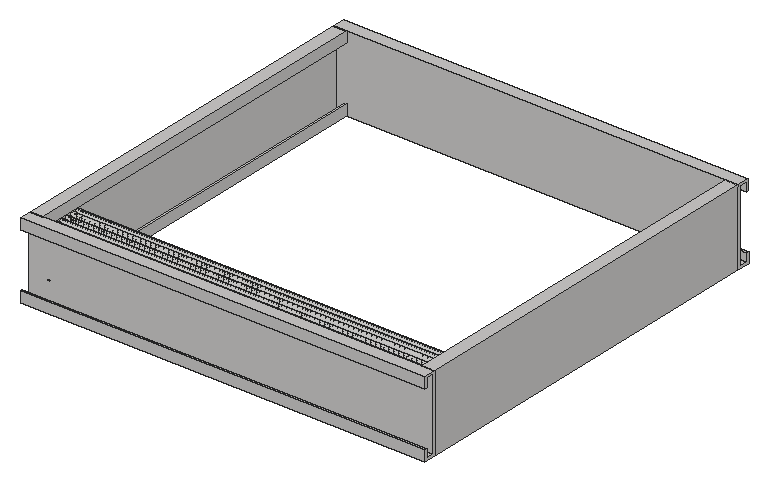
Revit family "Damper_Volume_Control-Carnes-Alum-FDCB", category Duct Accessories, host Face, Revit 2012
Parameters (values of type "FDCB")
  ecoScorecard_data = ""
  ecoScorecard Product Page = "http://ecoscorecard.com/"
  Width = 24"
  Warranty URL = "http://www.carnes.com/GeneralCatalogs/termcond.pdf"
  URL = "http://www.carnes.com/index.html"
  Subcategory = "Louvers and Dampers"  # constant formula
  Spec Sheet URL = "http://www.carnes.com/Louvers/pdf/17166.pdf"
  Product Page URL = "http://www.carnes.com/Louvers/FD.htm"
  Product Line = "Low Leakage Volume Control Dampers"  # constant formula
  Offset = 1"
  Model = "FDCB"  # constant formula
  Minimum Size = "5\"W x 4\"H"
  Maximum Vertical Size = "52\"W x 72\" (Single Section), Multi-section unlimited"
  Maximum System Velocity = 2600 FPM  # constant formula
  Maximum System Pressure = 1.00 in-wg  # constant formula
  Maximum Size Note = "Over 36” wide or 48” high, blade linkage will be modified."
  Maximum Horinzontal Size = "52\"W x 72\" (Single Section), Multi-section unlimited"
  Manufacturer Phone = "608-845-6411"  # constant formula
  Manufacturer Fax = "608-845-6470"  # constant formula
  Manufacturer Email = "mailto:carnes@carnes.com"
  Manufacturer Address = "448 S. Main St., P. O. Box 930040, Verona, WI 53593-0040"  # constant formula
  Manufacturer = "CARNES COMPANY"  # constant formula
  Installation and Maintenance URL = "http://www.carnes.com/FireDampers/pdf/40001.pdf"
  Height = 24"
  Free Area Note = "See Spec Sheet URL"  # constant formula
  Frame Material = Metal - Carnes - Steel - Galvanized
  Fire Closure Device = ""
  Duct Connector 2 = "Duct Connection 2"  # constant formula
  Duct Connector 1 = "Duct Connection 1"  # constant formula
  Description = "Low Leakage Volume Control Dampers"  # constant formula
  Depth = 4 1/2"
  Default Elevation = 0"
  Cost Info = "mailto:carnes@carnes.com"
  Catalog URL = "http://www.carnes.com/Louvers/pdf/f85-97.pdf"
  Blades Length = Actual Width - 1 1/2"  # 22 1/2"
  Blade Material = Metal - Carnes - Steel - Galvanized
  Assembly Code = "B2010300"
  Actual Width = if(Width < 6", 6", if(Width > 72", 72", Width))  # 24"
  Actual Height = if(Height < 6", 6", if(Height > 72", 72", Height))  # 24"
  95 CSI = "10200"  # constant formula
  04 CSI = "08 91 00"  # constant formula
Reference planes (in)
  plane 1 "Center (Front/Back)": y = 0
  plane 2: z = 0
  plane 3 "Center (Left/Right)": x = 0
  plane 4: x = -12
  plane 5: x = 12
  plane 6: y = 12
  plane 7: y = -12
  plane 8: y = -10.9375
  plane 9: x = -11.20993
  plane 10: x = 11.20993
  plane 11: z = -1.5
  plane 12: y = -11.47734
  plane 13: x = 10.20993
  plane 14: z = -3.375
  plane 15: z = -1
  plane 16: y = -9.48917
  plane 17: z = 0.09375
  plane 18: z = 3.5
  plane 19: z = -2.09375
  plane 20: z = -5.5
Forms (in)
  Extrusion 1, void
    sketch origin (0, 0, 0) x (1, 0, 0) y (0, 1, 0)
      loop
        line (12, -12) -> (12, 12) -> (-12, 12) -> (-12, -12) -> (12, -12)
    from 0 to -32.56442
  Sweep 2, solid, material "Metal - Carnes - Steel - Galvanized" <- "Frame Material", detail levels medium+fine
    path origin (0, -21.84066, -1) x (-1, 0, 0) y (0, -1, 0)
      loop
        line (-12, -33.09066) -> (-12, -10.59066)
    profile "Profile : Profile" origin (12, 0, -1) x (1, 0, 0) y (0, 0, 1)
      loop
        line (0, 2.25) -> (-0.75, 2.25) -> (-0.75, 1.625) -> (-0.625, 1.625) -> (-0.625, 2.125) -> (-0.125, 2.125) -> (-0.125, -2.125) -> (-0.625, -2.125) -> (-0.625, -1.625) -> (-0.75, -1.625) -> (-0.75, -2.25) -> (0, -2.25) -> (0, 2.25)
  Sweep 3, solid, material "Metal - Carnes - Steel - Galvanized" <- "Frame Material", detail levels coarse
    path origin (0, -21.84066, -1) x (-1, 0, 0) y (0, -1, 0)
      loop
        line (0, -9.84066) -> (0, -33.84066)
    profile origin (0, 0, -1) x (-1, 0, 0) y (0, 0, 1)
      loop
        line (-12, 2.25) -> (-12, -2.25) -> (12, -2.25) -> (12, 2.25) -> (-12, 2.25)
  Sweep 4, solid, material "Metal - Carnes - Steel - Galvanized" <- "Frame Material", detail levels medium+fine
    path origin (0, -21.84066, -1) x (-1, 0, 0) y (0, -1, 0)
      loop
        line (12, -33.09066) -> (12, -10.59066)
    profile "Profile : Profile" origin (-12, 0, -1) x (1, 0, 0) y (0, 0, 1)
      loop
        line (0, 2.25) -> (0, -2.25) -> (0.75, -2.25) -> (0.75, -1.625) -> (0.625, -1.625) -> (0.625, -2.125) -> (0.125, -2.125) -> (0.125, 2.125) -> (0.625, 2.125) -> (0.625, 1.625) -> (0.75, 1.625) -> (0.75, 2.25) -> (0, 2.25)
  Sweep 5, solid, material "Metal - Carnes - Steel - Galvanized" <- "Frame Material", detail levels medium+fine
    path origin (0, -21.84066, -1) x (-1, 0, 0) y (0, -1, 0)
      loop
        line (12, -9.84066) -> (-12, -9.84066)
    profile "Profile : Profile" origin (0, -12, -1) x (0, 1, 0) y (0, 0, 1)
      loop
        line (0.75, 2.25) -> (0, 2.25) -> (0, 1.625) -> (0.125, 1.625) -> (0.125, 2.125) -> (0.625, 2.125) -> (0.625, -2.125) -> (0.125, -2.125) -> (0.125, -1.625) -> (0, -1.625) -> (0, -2.25) -> (0.75, -2.25) -> (0.75, 2.25)
  Sweep 6, solid, material "Metal - Carnes - Steel - Galvanized" <- "Frame Material", detail levels medium+fine
    path origin (0, 20.34066, -1) x (1, 0, 0) y (0, 1, 0)
      loop
        line (-12, -8.34066) -> (12, -8.34066)
    profile "Profile : Profile" origin (0, 12, -1) x (0, 1, 0) y (0, 0, 1)
      loop
        line (-0.75, 2.25) -> (-0.75, -2.25) -> (0, -2.25) -> (0, -1.625) -> (-0.125, -1.625) -> (-0.125, -2.125) -> (-0.625, -2.125) -> (-0.625, 2.125) -> (-0.125, 2.125) -> (-0.125, 1.625) -> (0, 1.625) -> (0, 2.25) -> (-0.75, 2.25)
Lines and regions (in)
  symbolic lines, style "Damper"
    curve 1: line (12, 12, -1) -> (12, -12, -1)
    curve 2: line (-12, 12, -1) -> (12, 12, -1)
    curve 3: line (-12, -12, -1) -> (-12, 12, -1)
    curve 4: line (12, -12, -1) -> (-12, -12, -1)
  symbolic lines, style "Damper", detail levels medium+fine
    curve 5: line (11.25, 11, -1) -> (-11.25, 11, -1)
    curve 6: line (-11.25, 11, -1) -> (-11.25, -11.25, -1)
    curve 7: line (-12, -11.25, -1) -> (12, -11.25, -1)
    curve 8: line (11.25, -11.25, -1) -> (11.25, 11, -1)
Dimensions and locks (in)
  equal spacing: plane 7, plane 1 "Center (Front/Back)", plane 6
  equal spacing: plane 4, plane 3 "Center (Left/Right)", plane 5
  "Actual Width": plane 4 to plane 5
  "Actual Height": plane 6 to plane 7
  locked: plane 7 to plane 8 at 1.0625
  locked: plane 4 to plane 9 at 0.79007
  locked: plane 10 to plane 5 at 0.79007
  locked: plane 12 to plane 7 at 0.52266
  locked: plane 13 to plane 10 at 1
  locked: plane 14 to plane 15 at 2.375
  locked: plane 16 to plane 8 at 1.44833
  "Offset": level to plane 15
  locked: plane 17 to plane 18 at 3.40625
  locked: plane 15 to plane 17 at 1.09375
  locked: plane 15 to plane 19 at 1.09375
  locked: plane 19 to plane 20 at 3.40625
  equal spacing: Sweep 3 sketch curve, plane 3 "Center (Left/Right)", Sweep 3 sketch curve
  "Actual Width": Sweep 3 sketch curve to Sweep 3 sketch curve
  aligned and locked: plane 2 to host face
  aligned and locked: level to host face
  aligned and locked: plane 5 to Extrusion 1 sketch curve
  aligned and locked: plane 7 to Extrusion 1 sketch curve
  aligned and locked: Extrusion 1 sketch curve to plane 4
  aligned and locked: Extrusion 1 sketch curve to plane 6
  aligned and locked: Extrusion 1 to level
  aligned: nested 1 to plane 15  (x3)
  aligned: plane 12 to nested 1
  aligned and locked: plane 6 to Sweep 3 sketch curve
  aligned and locked: plane 7 to Sweep 3 sketch curve
  aligned and locked: plane 3 "Center (Left/Right)" to Sweep 3 sketch curve
  aligned and locked: curve 1 to Sweep 2
  aligned: curve 8 to Sweep 2
  aligned: nested 1 to Sweep 2
  aligned and locked: plane 4 to Sweep 4 sketch curve
  aligned and locked: Sweep 5 sketch curve to plane 7
  aligned and locked: plane 4 to Sweep 5 sketch curve
  aligned and locked: plane 5 to Sweep 5 sketch curve
  aligned and locked: Sweep 5 to Sweep 4 sketch curve
  aligned and locked: nested 1 to Sweep 5
  aligned and locked: Sweep 2 sketch curve to Sweep 5
  aligned and locked: Sweep 6 sketch curve to plane 6
  aligned and locked: plane 5 to Sweep 6 sketch curve
  aligned and locked: plane 4 to Sweep 6 sketch curve
  aligned and locked: Sweep 6 to Sweep 2 sketch curve
  aligned and locked: Sweep 4 sketch curve to Sweep 6
  aligned and locked: curve 6 to Sweep 4
  aligned and locked: curve 7 to Sweep 5
  aligned and locked: curve 8 to Sweep 2
  aligned and locked: nested 1 to Sweep 4
  aligned and locked: Sweep 3 sketch curve to Sweep 5  (x2)
  aligned and locked: plane 15 to nested 1
  aligned and locked: plane 15 to nested 2
  aligned and locked: nested 2 to nested 1
  aligned and locked: nested 3 to nested 2
  aligned and locked: plane 15 to nested 3
  aligned and locked: plane 15 to nested 4
  aligned and locked: nested 4 to nested 3
  aligned and locked: nested 5 to nested 4
  aligned and locked: plane 15 to nested 5
  aligned and locked: nested 6 to nested 5
  aligned and locked: plane 15 to nested 6
  aligned and locked: nested 7 to nested 6
  aligned and locked: plane 15 to nested 7
Automatic sketch dimensions
  host sketch curve to host sketch curve = 96"  (x2)
  Sweep 2 sketch curve to plane 5 = 0"
  curve 3 to plane 4 = 0"
  curve 3 to plane 6 = 0"
  plane 7 to curve 1 = 0"
  curve 6 to plane 6 = 1"
Nested families (in)
  nested 1: "Blade" at (0, -11.25, -2.65552), type "Blades", detail levels fine
  nested 2: "Blade" at (0, -10.85234, -2.65552), type "Blades", detail levels fine
  nested 3: "Blade" at (0, -10.45467, -2.65552), type "Blades", detail levels fine
  nested 4: "Blade" at (0, -10.05701, -2.65552), type "Blades", detail levels fine
  nested 5: "Blade" at (0, -9.65935, -2.65552), type "Blades", detail levels fine
  nested 6: "Blade" at (0, -9.26169, -2.65552), type "Blades", detail levels fine
  nested 7: "Blade" at (0, -8.86402, -2.65552), type "Blades", detail levels fine
Connectors (in)
  hvac at (0, 0, 1.25), driven by "Actual Height", driven by "Actual Width", driven by "Duct Connector 1"
    settings: on Sweep 3, index 1, duct flow 0 CFM, flow factor 0, pres drop 0.00 in-wg, loss coef 0, conn angle 0.00°, conn width 24", conn height 24", conn radius 12", duct sys type 1, conn prof type 1, flow config 0, flow direction 0, loss method 0, conn ref index 2, conn util no, is conn primary yes, conn desc "Duct Connection 1"
  hvac at (0, 0, -3.25), driven by "Actual Height", driven by "Actual Width", driven by "Duct Connector 2"
    settings: on Sweep 3, index 2, duct flow 0 CFM, flow factor 0, pres drop 0.00 in-wg, loss coef 0, conn angle 0.00°, conn width 24", conn height 24", conn radius 12", duct sys type 1, conn prof type 1, flow config 0, flow direction 0, loss method 0, conn ref index 1, conn util no, is conn primary no, conn desc "Duct Connection 2"
Definition of nested family "Blade"
  Parameters (values of type "Blades")
    Width = 22 1/2"
    Unit = Metal - Carnes - Steel - Galvanized
    Assembly Code = ""
  Reference planes (in)
    plane 1 "Center (Front/Back)": y = 0
    plane 2: z = 0
    plane 3 "Center (Left/Right)": x = 0
    plane 4: x = -11.25
    plane 5: x = 11.25
    plane 6: z = 3.25
    plane 7: z = 0.12354
    plane 8: y = 0.39766
    plane 9: z = 3.1875
    plane 10: z = 1.65552
  Forms (in)
    Extrusion 1, solid, material "Metal - Carnes - Steel - Galvanized" <- "Unit"
      sketch origin (0, 0, 0.35938) x (0, 1, 0) y (0, 0, 1)
        loop
          arc (0.23008, 2.43293) -> (0.19883, 2.82812) -> (0.16758, 2.43293) r 0.19883
          line (0.16758, 2.43293) -> (0.16758, 0.15936)
          arc (0.16758, 0.15936) -> (0.19883, -0.23583) -> (0.23008, 0.15936) r 0.19883
          line (0.23008, 0.15936) -> (0.23008, 2.43293)
        loop
          circle (0.19883, -0.037) r 0.13633
        loop
          circle (0.19883, 2.62929) r 0.13633
      from -11.25 to 11.25
  Lines and regions (in)
    symbolic lines, style "Damper"
      curve 1: line (-11.25, 0.39763, 0) -> (11.25, 0.39763, 0)
      curve 2: line (11.25, 0, 0) -> (-11.25, 0, 0)
      curve 3: line (-11.25, 0, 0) -> (-11.25, 0.39763, 0)
      curve 4: line (11.25, 0, 0) -> (11.25, 0.39763, 0)
  Dimensions and locks (in)
    equal spacing: plane 4, plane 3 "Center (Left/Right)", plane 5
    "Width": plane 4 to plane 5
    plane 6 to level = 3 1/4"  (x2)
    locked: plane 6 to plane 9 at 0.0625
    aligned and locked: level to plane 2
    aligned and locked: plane 4 to Extrusion 1
    aligned and locked: plane 5 to Extrusion 1
    aligned and locked: curve 2 to plane 1 "Center (Front/Back)"
    aligned and locked: curve 3 to plane 4
    aligned and locked: plane 5 to curve 4
  Automatic sketch dimensions
    plane 8 to curve 3 = 0.00003"
    Extrusion 1 sketch curve to Extrusion 1 sketch curve = 0"  (x5)
    Extrusion 1 sketch curve to plane 1 "Center (Front/Back)" = 0.16758"
    Extrusion 1 sketch curve to Extrusion 1 sketch curve = 1/32"
    Extrusion 1 sketch curve to plane 1 "Center (Front/Back)" = 0.19883"
    Extrusion 1 sketch curve to plane 7 = 0.19883"
    Extrusion 1 sketch curve to Extrusion 1 sketch curve = 0.19636"  (x2)
    Extrusion 1 sketch curve to plane 9 = 0.39519"
    radius of Extrusion 1 sketch curve = 0.13633"  (x2)
